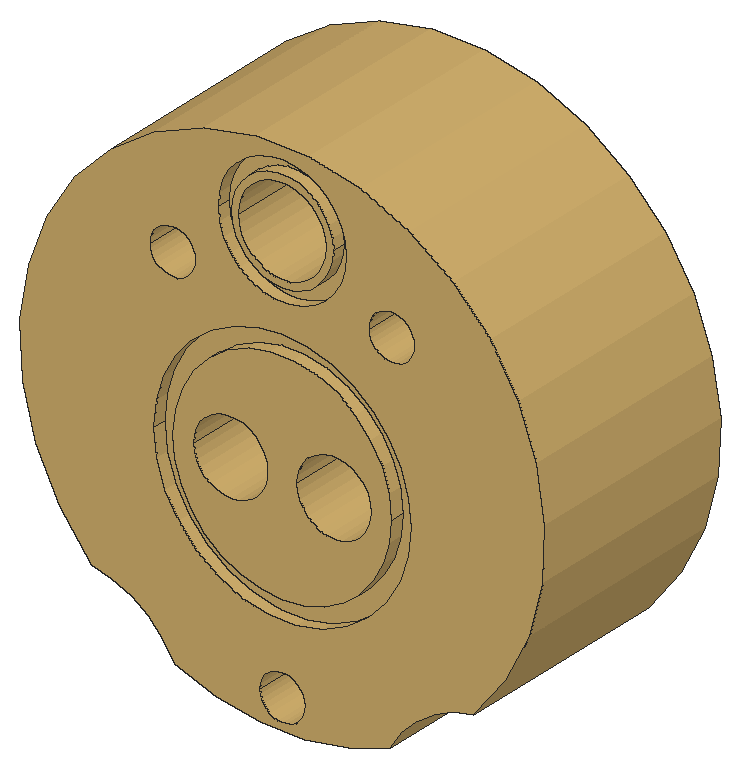
Revit family "PRD_FrankeWS_ShwrFttngsPckg_ExtensionSetForF5S_ACSM2001", category Specialty Equipment, Revit 2018
Family settings
  Round Connector Dimension = Use Diameter
  Part Type = Normal
  OmniClass Number = 23.45.05.14.99
  OmniClass Title = Other Sanitary Washing Plumbing Fixtures
  Work Plane-Based = Yes
  Always vertical = Yes
  Cut with Voids When Loaded = No
  Shared = No
  Room Calculation Point = No
Parameters (values of type "ACSM2001")
  WarrantyStartDate [instance] = "1900-12-31T23:59:59"
  WarrantyGuarantorParts = "n/a"
  WarrantyGuarantorLabor = "n/a"
  WarrantyDurationUnit = "year"
  WarrantyDurationParts = "n/a"
  WarrantyDurationLabor = "n/a"
  WarrantyDescription = "n/a"
  Version = "1"
  Uniclass2015Version = "Products v1.17"
  Uniclass2015Title = "Shower fittings package"
  Uniclass2015Code = "Pr_40_20_87_75"
  URL = "www.kwc.com"
  TailorMade = "No"
  TagNumber [instance] = "n/a"
  SustainabilityPerformance = "n/a"
  Status = "New"
  Size = "n/a"
  Shape = "cylinder"
  SerialNumber [instance] = "n/a"
  Revision = "n/a"
  ReplacementCost = "n/a"
  Reference = "n/a"
  QuantityUom = "Piece"
  Quantity = "1"
  ProductInformation = "https://pim.kwc.com/product/2030044781/attachment/datasheet?locale=en"
  ProductCode = "n/a"
  NominalWidth = 60 mm
  NominalLength = 60 mm
  NominalDepth = 25 mm
  NetWeight = 0.64 kg
  Name = "Extension set for F5S ACSM2001"
  NBSTypeID = "n/a"
  NBSReference = "45-35-70/330"
  NBSOfficeMasterTag = "n/a"
  NBSNote = "n/a"
  NBSDescription = "Shower fittings package"
  NBSCertification = "n/a"
  ModelReference = "ACSM2001"
  ModelNumber = "2030044781"
  Model = ModelReference  # "ACSM2001"
  Material = "n/a"
  ManufacturerURL = "www.kwc.com"
  ManufacturerName = "KWC Group AG"  # constant formula
  Manufacturer = ManufacturerName  # "KWC Group AG"
  IntegralAccessories = "n/a"
  InstallationDate [instance] = "1900-12-31T23:59:59"
  IfcExportType = "USERDEFINED"
  IfcExportAs = "IfcSanitaryTerminalType"
  GrossWeight = 0.68 kg
  Grade = "n/a"
  Finish = "n/a"
  Features = "for F5S-Mix self-closing single mixer DN 15"
  ExpectedLife = "n/a"
  DurationUnit = "year"
  Description = "Extension set for F5S-Mix self-closing single mixer DN 15 for installation in walls, for depth compensation up to 25 mm."
  Default Elevation = 1219.2 mm
  CreatedOn = "07/2021"  # constant formula
  Constituents = "n/a"
  Color = "n/a"
  CodePerformance = "n/a"
  Category = "Pr_40_20_87_75, Shower fittings package"
  BodyMaterial = PRD_AR_Brass
  BarCode [instance] = "n/a"
  BIMObjectName = "PRD_AR_ShowerFittingsPackage_ExtensionSetForF5S_ACSM2001"
  Author = "Archispace"  # constant formula
  AssetType = "Fixed"
  AssetIdentifier [instance] = "n/a"
  AccessibilityPerformance = "n/a"
Reference planes
  plane 1 "Center (Front/Back)": y = 0
  plane 2: z = 0
  plane 3 "Center (Left/Right)": x = 0
Forms (mm)
  Extrusion 1, solid, material "PRD_AR_Brass" <- "BodyMaterial", detail levels fine
    sketch origin (0, 0, 0) x (1, 0, 0) y (0, 0, 1)
      loop
        arc (-21.793, -20.617) -> (-16.249, -22.818) -> (-12.356, -27.337) r 12.5
        arc (-12.356, -27.337) -> (0, -30) -> (12.356, -27.337) r 30
        arc (12.356, -27.337) -> (16.249, -22.818) -> (21.793, -20.617) r 12.5
        arc (21.793, -20.617) -> (0, 30) -> (-21.793, -20.617) r 30
      loop
        circle (0, -26.5) r 2.6
      loop
        circle (-12.5, 14.708) r 2.6
      loop
        circle (12.5, 14.708) r 2.6
      loop
        circle (0, 21.2) r 5
      loop
        circle (-5.9, -4) r 4.25
      loop
        circle (5.9, -4) r 4.25
    from 0 to 25
  Extrusion 2, solid, material "PRD_AR_Brass" <- "BodyMaterial", detail levels coarse+medium
    sketch origin (0, 0, 0) x (1, 0, 0) y (0, 0, 1)
      loop
        circle (0, 0) r 30
    from 0 to 25
  Extrusion 3, void
    sketch origin (0, 0, 0) x (1, 0, 0) y (0, 0, 1)
      loop
        circle (0, -4) r 12.5
      loop
        circle (0, -4) r 14.7
      loop
        circle (0, 21.2) r 5.8
      loop
        circle (0, 21.2) r 7.35
    from 23.5 to 25
Cuts and joins
  Extrusion 3 cuts Extrusion 1
Dimensions and locks
  aligned and locked: level to plane 2
